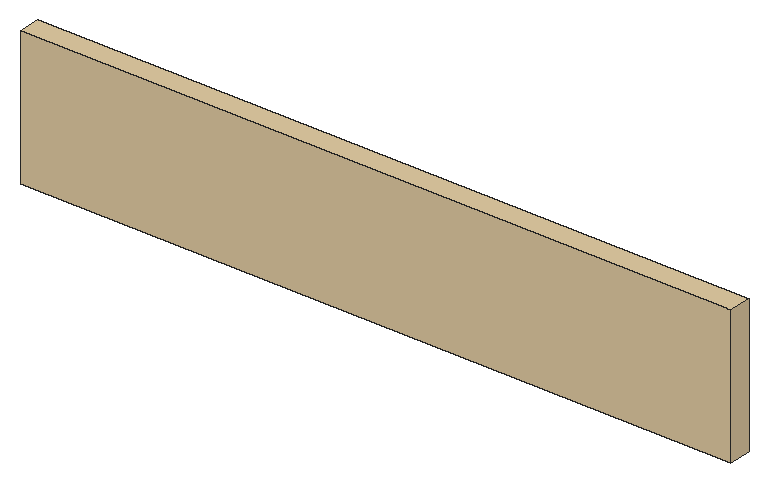
Revit family "M_Cota Madeira", category Quadro estrutural, Revit 2019
Family settings
  Arredondamento do comprimento do framing estrutural = 0 mm
  Forma do corte = Não definido
  Material para o comportamento do modelo = Madeira
  Exportar sempre como geometria = Não
  Número OmniClass = 23.25.30.11.14.14
  Título OmniClass = Beams
  ID de item do Seek = Dimension Lumber-0000-CAN-ENU
  Sempre na vertical = Sim
  Corte com vazios quando carregada = Não
  Representação simbólica = Das configurações de projeto
  Compartilhado = Não
  Exibir o pré-corte da família na vista da planta = Sim
Parameters (values of type "38x235")
  Structural Material [instance] = Madeira de Conífera, Madeira
  Assembly Code = ""
  A = 0.009 m²
  Length [instance] = 1524 mm
  b = 38.1 mm
  d = 235 mm
Types (2, lengths in mm): name | A | d
  38x235 | 0.009 m² | 235
  38x286 | 0.010887 m² | 285.8
Reference planes
  plane 1 "Centro (Frente/Trás)": y = 0
  plane 2: z = 0
  plane 3 "Centro (Esquerda/Direita)": x = 4.61
  plane 4 "Membro esquerdo": x = -604.99
  plane 5 "Membro direito": x = 614.21
  plane 6: y = 19.05
  plane 7: y = -19.05
  plane 8: z = 117.5
  plane 9: z = -117.5
  plane 10 "Esquerda": x = -757.39
  plane 11 "Símbolo esquerdo de verga": x = -452.59
  plane 12 "Símbolo direito de verga": x = 461.81
  plane 13 "Direita": x = 766.61
Forms (mm)
  Sweep 1, solid, material "Madeira de Conífera, Madeira" <- "Structural Material", detail levels medium+fine
    path origin (0, 0, 0) x (1, 0, 0) y (0, 1, 0)
      loop
        line (614.21, 0) -> (-604.99, 0)
    profile "M_Viga de madeira retangular-Perfil : M_Viga de madeira retangular-Perfil" origin (4.61, 0, 0) x (0, -1, 0) y (0, 0, 1)
      loop
        line (-19.05, -117.5) -> (19.05, -117.5) -> (19.05, 117.5) -> (-19.05, 117.5) -> (-19.05, -117.5)
Lines and regions (mm)
  symbolic lines, style "Símbolos de vara", detail levels coarse
    curve 1: line (4.61, -19.05, -117.5) -> (4.61, 19.05, -117.5)
    curve 2: line (4.61, -19.05, 117.5) -> (4.61, -19.05, -117.5)
    curve 3: line (4.61, 19.05, 117.5) -> (4.61, -19.05, 117.5)
    curve 4: line (4.61, 19.05, -117.5) -> (4.61, 19.05, 117.5)
Dimensions and locks
  "b": plane 6 to plane 7
  "d": plane 9 to plane 8
  equal spacing: plane 9, plane 2, plane 8
  equal spacing: plane 6, plane 1 "Centro (Frente/Trás)", plane 7
  "Length": plane 10 "Esquerda" to plane 13 "Direita"
  aligned and locked: Sweep 1 sketch curve to plane 1 "Centro (Frente/Trás)"
  aligned and locked: curve 1 to Sweep 1
  aligned and locked: curve 2 to Sweep 1
  aligned and locked: curve 3 to Sweep 1
  aligned and locked: curve 4 to Sweep 1
  aligned and locked: plane 4 "Membro esquerdo" to Sweep 1 sketch curve
  aligned and locked: plane 5 "Membro direito" to Sweep 1 sketch curve
Types in the file's own list only (22): name | A | b | d
  38x64 | 0.00 m² | 38 mm | 64 mm
  38x89 | 0.00 m² | 38 mm | 89 mm
  38x114 | 0.00 m² | 38 mm | 114 mm
  38x140 | 0.01 m² | 38 mm | 140 mm
  38x184 | 0.01 m² | 38 mm | 184 mm
  38x337 | 0.01 m² | 38 mm | 337 mm
  64x89 | 0.01 m² | 64 mm | 89 mm
  64x114 | 0.01 m² | 64 mm | 114 mm
  64x140 | 0.01 m² | 64 mm | 140 mm
  64x184 | 0.01 m² | 64 mm | 184 mm
  64x235 | 0.01 m² | 64 mm | 235 mm
  64x286 | 0.02 m² | 64 mm | 286 mm
  64x337 | 0.02 m² | 64 mm | 337 mm
  64x387 | 0.02 m² | 64 mm | 387 mm
  89x89 | 0.01 m² | 89 mm | 89 mm
  89x114 | 0.01 m² | 89 mm | 114 mm
  89x140 | 0.01 m² | 89 mm | 140 mm
  89x184 | 0.02 m² | 89 mm | 184 mm
  89x235 | 0.02 m² | 89 mm | 235 mm
  89x286 | 0.03 m² | 89 mm | 286 mm
  89x337 | 0.03 m² | 89 mm | 337 mm
  89x387 | 0.03 m² | 89 mm | 387 mm
